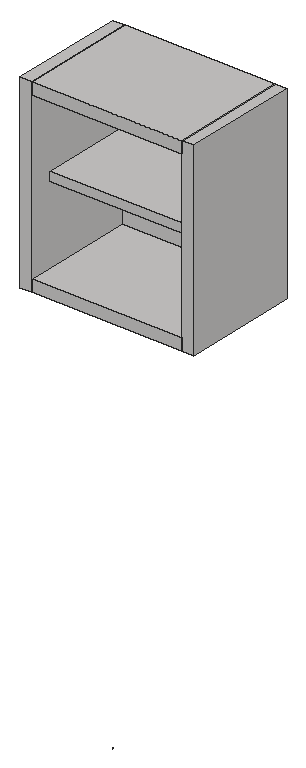
Revit family "QF_ELECTROLUXPROFESSIONAL_133254_PA600LCN", category Attrezzature speciali, Revit 2020
Family settings
  Quota connettore circolare = Usa diametro
  Tipo di parte = Normale
  Basato su piano di lavoro = No
  Sempre verticale = Sì
  Taglio con vuoti quando caricato = No
  Condiviso = No
  Punto di calcolo locali = No
Parameters (values of type "Standard")
  Weight = 15.00 kg
  Watts = 0 W
  Volts = 0 V
  URL Manufacturer = "https://www.electroluxprofessional.com/"
  URL = "https://www.electroluxprofessional.com/"
  Steam Supply Size = 0 mm
  Steam Supply Minimum Pressure = 0.0 Pa
  Steam Supply Maximum Pressure = 0.0 Pa
  Steam Consumption per Hour = 0
  Refrigeration Suction Line Size = 0.0 mm
  Refrigeration Liquid Line Size = 0.0 mm
  Refrigerant Compressor Remote = yes
  Prospetto di default = 0.0 mm
  Phase = 0
  Modello = "PA600LCN"
  Produttore = "Electrolux Professional"
  Length Actual = 600.0 mm  # constant formula
  Item Number = "133254"
  Hot Water Size = 0 mm
  Height Actual = 650.0 mm  # constant formula
  HP = "0 HP"
  Gas Size = 0 mm
  Gas KW = 0
  Gas Input Pressure = 0 W
  Direct Waste Size = 0 mm
  Descrizione = "OPEN WALL CUPBOARD 600 MM"
  Depth Actual = 400.0 mm  # constant formula
  Cycle = 0 Hz
  Condensate Return Size = 0 mm
  Compressed Air Volume = 0.0 L/s
  Compressed Air Size = 0 mm
  Compressed Air Pressure = 0.0 Pa
  Cold Water Size = 0 mm
  Accessory = yes
Reference planes
  plane 1 "Center (Front/Back)": y = 0
  plane 2: z = 0
  plane 3 "Center (Left/Right)": x = -300
  plane 4 "LEFT": x = -600
  plane 5 "RIGHT": x = 0
  plane 6 "BACK": y = 200
  plane 7 "FRONT": y = -200
  plane 8 "Base": z = 2250
  plane 9 "BASE": z = 1600
  plane 10: x = -560
  plane 11: x = -40
  plane 12: y = -197
  plane 13: y = 150
  plane 14: y = 190
  plane 15 "Ripiano": z = 1910
  plane 16: z = 1940
Forms (mm)
  Extrusion 1, solid, material "QF_Finishes_Stainless Steel"
    sketch origin (0, 0, 1600) x (-1, 0, 0) y (0, -1, 0)
      loop
        line (600, -200) -> (600, 200) -> (560, 200) -> (560, -200) -> (600, -200)
      loop
        line (40, -200) -> (40, 200) -> (0, 200) -> (0, -200) -> (40, -200)
    from 0 to 650
  Extrusion 2, solid, material "QF_Finishes_Stainless Steel"
    sketch origin (0, 0, 1600) x (-1, 0, 0) y (0, -1, 0)
      loop
        line (560, -200) -> (560, 200) -> (40, 200) -> (40, -200) -> (560, -200)
    from 0 to 40
  Extrusion 3, solid, material "QF_Finishes_Stainless Steel"
    sketch origin (0, 0, 0) x (1, 0, 0) y (0, 1, 0)
      loop
        line (-560, -200) -> (-40, -200) -> (-40, 200) -> (-560, 200) -> (-560, -200)
    from 2210 to 2250
  Extrusion 4, solid, material "QF_Finishes_Stainless Steel"
    sketch origin (0, 0, 0) x (1, 0, 0) y (0, 1, 0)
      loop
        line (-600, 200) -> (-600, 199) -> (-599, 199) -> (-599, 200) -> (-600, 200)
    from 0 to 1
  Extrusion 5, solid, material "QF_Finishes_Stainless Steel"
    sketch origin (0, 0, 1910) x (-1, 0, 0) y (0, -1, 0)
      loop
        line (560, -190) -> (560, 124.1) -> (40, 124.1) -> (40, -190) -> (560, -190)
    from 0 to 30
  Extrusion 6, solid, material "QF_Finishes_Stainless Steel"
    sketch origin (0, 0, 1910) x (-1, 0, 0) y (0, -1, 0)
      loop
        line (560, -200) -> (560, -190) -> (40, -190) -> (40, -200) -> (560, -200)
    from -270 to 300
Lines and regions (mm)
  symbolic lines
    curve 1: line (0, 200, 0) -> (-600, -200, 0)
    curve 2: line (-600, 200, 0) -> (0, 200, 0)
    curve 3: line (-600, -200, 0) -> (-600, 200, 0)
    curve 4: line (0, -200, 0) -> (-600, -200, 0)
    curve 5: line (0, 200, 0) -> (0, -200, 0)
  symbolic lines, style "SpecialityEquipmentHiddenLines"
    curve 6: line (-560, -124.1, 1910) -> (-40, -124.1, 1910)
    curve 7: line (-40, -200, 1910) -> (-40, 190, 1910)
    curve 8: line (-40, 190, 1910) -> (-560, 190, 1910)
    curve 9: line (-560, 190, 1910) -> (-560, -200, 1910)
Dimensions and locks
  plane 4 "LEFT" to plane 5 "RIGHT" = 600.0 mm
  equal spacing: plane 4 "LEFT", plane 3 "Center (Left/Right)", plane 5 "RIGHT"
  plane 6 "BACK" to plane 7 "FRONT" = 400.0 mm
  equal spacing: plane 6 "BACK", plane 1 "Center (Front/Back)", plane 7 "FRONT"
  plane 9 "BASE" to level = 1600.0 mm
  locked: plane 4 "LEFT" to plane 10 at 40
  locked: plane 11 to plane 5 "RIGHT" at 40
  plane 12 to plane 7 "FRONT" = 3.0 mm
  plane 6 "BACK" to plane 13 = 50.0 mm
  locked: plane 8 "Base" to plane 9 "BASE" at 650
  locked: plane 15 "Ripiano" to plane 9 "BASE" at 310
  locked: plane 16 to plane 15 "Ripiano" at 30
  aligned and locked: level to plane 2
  aligned and locked: plane 8 "Base" to Extrusion 1
  aligned and locked: plane 6 "BACK" to Extrusion 1 sketch curve
  aligned and locked: Extrusion 1 sketch curve to plane 6 "BACK"
  aligned and locked: plane 7 "FRONT" to Extrusion 1 sketch curve
  aligned and locked: Extrusion 1 sketch curve to plane 7 "FRONT"
  aligned and locked: plane 10 to Extrusion 1
  aligned and locked: Extrusion 1 to plane 11
  aligned and locked: Extrusion 2 to plane 10
  aligned and locked: plane 11 to Extrusion 2
  aligned and locked: plane 8 "Base" to Extrusion 3
  aligned and locked: Extrusion 3 to plane 7 "FRONT"
  aligned and locked: Extrusion 2 to plane 7 "FRONT"
Automatic sketch dimensions
  Extrusion 1 sketch curve to plane 5 "RIGHT" = 0.0 mm
  Extrusion 1 sketch curve to plane 11 = 0.0 mm
  Extrusion 1 sketch curve to plane 10 = 0.0 mm
  Extrusion 1 sketch curve to plane 4 "LEFT" = 0.0 mm
  Extrusion 2 sketch curve to plane 11 = 0.0 mm
  Extrusion 2 sketch curve to plane 10 = 0.0 mm
  Extrusion 2 sketch curve to plane 13 = 50.0 mm
  Extrusion 2 sketch curve to plane 12 = 3.0 mm
  Extrusion 3 sketch curve to plane 10 = 0.0 mm
  Extrusion 3 sketch curve to plane 11 = 0.0 mm
  Extrusion 3 sketch curve to plane 12 = 3.0 mm
  Extrusion 3 sketch curve to plane 14 = 10.0 mm
  Extrusion 4 sketch curve to plane 6 "BACK" = 0.0 mm
  Extrusion 4 sketch curve to plane 4 "LEFT" = 0.0 mm
  plane 4 "LEFT" to Extrusion 4 sketch curve = 1.0 mm
  Extrusion 4 sketch curve to plane 6 "BACK" = 1.0 mm
  curve 4 to plane 4 "LEFT" = 0.0 mm
  curve 5 to plane 5 "RIGHT" = 0.0 mm
  Extrusion 5 sketch curve to plane 11 = 0.0 mm
  Extrusion 5 sketch curve to plane 10 = 0.0 mm
  plane 14 to Extrusion 5 sketch curve = 0.0 mm
  plane 12 to Extrusion 5 sketch curve = 72.9 mm
  Extrusion 6 sketch curve to plane 6 "BACK" = 0.0 mm
  Extrusion 6 sketch curve to plane 11 = 0.0 mm
  Extrusion 6 sketch curve to plane 10 = 0.0 mm
  plane 14 to Extrusion 6 sketch curve = 0.0 mm
  curve 1 to plane 7 "FRONT" = 0.0 mm
  curve 3 to plane 6 "BACK" = 0.0 mm
  curve 6 to plane 11 = 0.0 mm
  curve 6 to plane 10 = 0.0 mm
  plane 14 to curve 9 = 0.0 mm
  curve 9 to plane 7 "FRONT" = 0.0 mm
  curve 7 to plane 7 "FRONT" = 0.0 mm
  plane 12 to curve 6 = 72.9 mm
